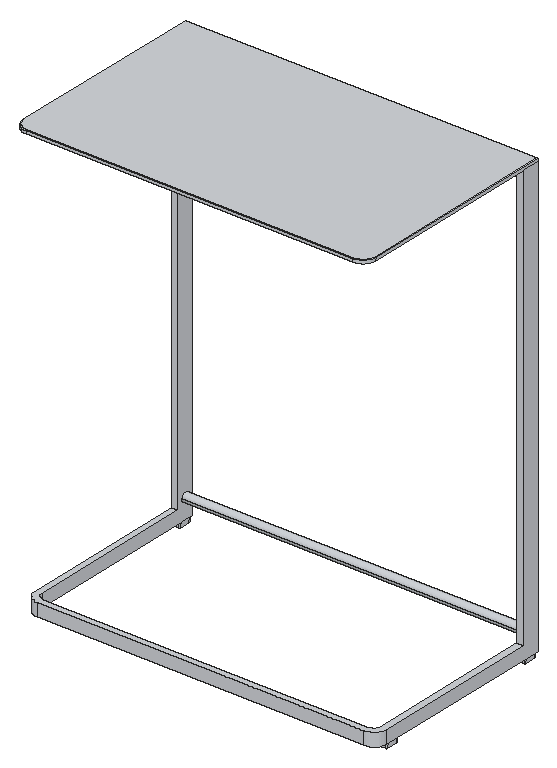
Revit family "Keilhauer_Pact_Laptop Table_77440", category Furniture, Revit 2017
Family settings
  OmniClass Number = 23.40.70.14.64.11
  OmniClass Title = Office Furniture
  Work Plane-Based = No
  Always vertical = Yes
  Cut with Voids When Loaded = No
  Shared = No
  Room Calculation Point = No
Parameters (values of type "Metal top")
  Type = 1
  Steel Top = Type = 1  # yes
  Laminate Top = Type = 2  # no
  Base [instance] = none
  Glides [instance] = none
  URL = "http://www.keilhauer.com/"
  Product Documentation Link = "http://www.keilhauer.com/"
  Model = "77440"
  Manufacturer = "Keilhauer, Corp."  # constant formula
  Description = "Laptop nesting table with metal top"
  Copyright © = "© 2021 Keilhauer, Corp."  # constant formula
  Catalog = "Pact"  # constant formula
  Table Top [instance] = none
  Authoring Version = "Autodesk Revit 2015"  # constant formula
  Assembly Code = "E2020200"
Types (2): name | Type | Steel Top | Laminate Top | Model | Description
  Laminate top | 2 | no | yes | "77441" | "Laptop nesting table with laminate top"
  Metal top | 1 | yes | no | "77440" | "Laptop nesting table with metal top"
Reference planes (in)
  plane 1 "Center (Front/Back)": y = 0
  plane 2: z = 0
  plane 3 "Center (Left/Right)": x = 0
  plane 4 "Top": z = 25.813
  plane 5 "Base": z = 0.25
  plane 6: x = 10.06101
  plane 7: x = -10.06101
Forms (in)
  Extrusion 1, solid, material <- "Table Top", visible <- "Steel Top"
    sketch origin (0, 0, 25.813) x (0, 1, 0) y (-1, 0, 0)
      loop
        line (6.53846, 10.25) -> (-5.21154, 10.25)
        arc (-5.21154, 10.25) -> (-5.74187, 10.03033) -> (-5.96154, 9.5) r 0.75
        line (-5.96154, 9.5) -> (-5.96154, -9.5)
        arc (-5.96154, -9.5) -> (-5.74187, -10.03033) -> (-5.21154, -10.25) r 0.75
        line (-5.21154, -10.25) -> (6.53846, -10.25) -> (6.53846, 10.25)
    from 0 to 0.1575
  Blend 2, solid, material <- "Table Top", visible <- "Steel Top"
    base sketch origin (0, 0, 25.813) x (0, 1, 0) y (-1, 0, 0)
      loop
        line (6.53846, 10.25) -> (-5.21154, 10.25)
        arc (-5.21154, 10.25) -> (-5.74187, 10.03033) -> (-5.96154, 9.5) r 0.75
        line (-5.96154, 9.5) -> (-5.96154, -9.5)
        arc (-5.96154, -9.5) -> (-5.74187, -10.03033) -> (-5.21154, -10.25) r 0.75
        line (-5.21154, -10.25) -> (6.53846, -10.25) -> (6.53846, 10.25)
    top sketch origin (0, 0, 25.813) x (0, 1, 0) y (-1, 0, 0)
      loop
        line (6.50846, 10.22) -> (-5.21154, 10.22)
        arc (-5.21154, 10.22) -> (-5.72066, 10.00912) -> (-5.93154, 9.5) r 0.72
        line (-5.93154, 9.5) -> (-5.93154, -9.5)
        arc (-5.93154, -9.5) -> (-5.72066, -10.00912) -> (-5.21154, -10.22) r 0.72
        line (-5.21154, -10.22) -> (6.50846, -10.22) -> (6.50846, 10.22)
    from 0.1575 to 0.1875
  Extrusion 3, solid, material <- "Base"
    sketch origin (10.06101, 5.53647, 47.24409) x (0, -1, 0) y (0, 0, 1)
      loop
        line (-0.6875, -22.18109) -> (-0.3125, -22.18109) -> (-0.3125, -21.43109) -> (-0.6875, -21.43109) -> (-0.6875, -22.18109)
      loop
        circle (-0.5, -45.7439) r 0.25
    from 0 to 20.12202
  Extrusion 4, solid, material <- "Base"
    sketch origin (-10.25149, -60, 0.25) x (-1, 0, 0) y (0, -1, 0)
      loop
        line (-0.00149, -66.53647) -> (-0.00149, -65.53647) -> (-0.375, -65.53647) -> (-0.375, -66.53647) -> (-0.00149, -66.53647)
      loop
        line (-20.125, -66.53647) -> (-20.125, -65.53647) -> (-20.50149, -65.53647) -> (-20.50149, -66.53647) -> (-20.125, -66.53647)
    from 0 to 25.563
  Sweep 5, solid, material <- "Base"
    path origin (0, 0, 25.813) x (0, 1, 0) y (-1, 0, 0)
      loop
        line (6.01233, 7.87649) -> (-1.65203, 7.87649)
        arc (-1.65203, 7.87649) -> (-2.18236, 7.65682) -> (-2.40203, 7.12649) r 0.75
        line (-2.40203, 7.12649) -> (-2.40203, -7.12649)
        arc (-2.40203, -7.12649) -> (-2.18236, -7.65682) -> (-1.65203, -7.87649) r 0.75
        line (-1.65203, -7.87649) -> (6.01233, -7.87649)
    profile origin (-7.87649, 2.18015, 25.813) x (1, 0, 0) y (0, 0, 1)
      loop
        line (0.375, -0.75) -> (0.375, 0) -> (0, 0) -> (0, -0.75) -> (0.375, -0.75)
  Sweep 6, solid, material <- "Base"
    path origin (-10.25149, -60, 0.25) x (-1, 0, 0) y (0, -1, 0)
      loop
        line (-20.12798, -66.03647) -> (-20.12798, -55.60547)
        arc (-20.12798, -55.60547) -> (-20.01961, -55.34384) -> (-19.75798, -55.23547) r 0.37
        line (-19.75798, -55.23547) -> (-0.745, -55.23547)
        arc (-0.745, -55.23547) -> (-0.48337, -55.34384) -> (-0.375, -55.60547) r 0.37
        line (-0.375, -55.60547) -> (-0.375, -66.03647)
    profile origin (-9.87649, 0.82097, 0.25) x (-1, 0, 0) y (0, 0, 1)
      loop
        line (0, 0.75) -> (0, 0) -> (0.375, 0) -> (0.375, 0.75) -> (0, 0.75)
  Extrusion 7, solid, material <- "Glides"
    sketch origin (0, 0, 0) x (1, 0, 0) y (0, 1, 0)
      loop
        arc (-10.19, 6.41022) -> (-10.23243, 6.39265) -> (-10.25, 6.35022) r 0.06
        line (-10.25, 6.35022) -> (-10.25, 5.72236)
        arc (-10.25, 5.72236) -> (-10.23243, 5.67994) -> (-10.19, 5.66236) r 0.06
        line (-10.19, 5.66236) -> (-9.93649, 5.66236)
        arc (-9.93649, 5.66236) -> (-9.89406, 5.67994) -> (-9.87649, 5.72236) r 0.06
        line (-9.87649, 5.72236) -> (-9.87649, 6.35022)
        arc (-9.87649, 6.35022) -> (-9.89406, 6.39265) -> (-9.93649, 6.41022) r 0.06
        line (-9.93649, 6.41022) -> (-10.19, 6.41022)
      loop
        line (-10.19, -4.38679) -> (-9.93649, -4.38679)
        arc (-9.93649, -4.38679) -> (-9.89406, -4.36921) -> (-9.87649, -4.32679) r 0.06
        line (-9.87649, -4.32679) -> (-9.87649, -3.69893)
        arc (-9.87649, -3.69893) -> (-9.89406, -3.6565) -> (-9.93649, -3.63893) r 0.06
        line (-9.93649, -3.63893) -> (-10.19, -3.63893)
        arc (-10.19, -3.63893) -> (-10.23243, -3.6565) -> (-10.25, -3.69893) r 0.06
        line (-10.25, -3.69893) -> (-10.25, -4.32679)
        arc (-10.25, -4.32679) -> (-10.23243, -4.36921) -> (-10.19, -4.38679) r 0.06
      loop
        line (10.19, 6.41022) -> (9.93649, 6.41022)
        arc (9.93649, 6.41022) -> (9.89406, 6.39265) -> (9.87649, 6.35022) r 0.06
        line (9.87649, 6.35022) -> (9.87649, 5.72236)
        arc (9.87649, 5.72236) -> (9.89406, 5.67994) -> (9.93649, 5.66236) r 0.06
        line (9.93649, 5.66236) -> (10.19, 5.66236)
        arc (10.19, 5.66236) -> (10.23243, 5.67994) -> (10.25, 5.72236) r 0.06
        line (10.25, 5.72236) -> (10.25, 6.35022)
        arc (10.25, 6.35022) -> (10.23243, 6.39265) -> (10.19, 6.41022) r 0.06
      loop
        arc (10.19, -4.38679) -> (10.23243, -4.36921) -> (10.25, -4.32679) r 0.06
        line (10.25, -4.32679) -> (10.25, -3.69893)
        arc (10.25, -3.69893) -> (10.23243, -3.6565) -> (10.19, -3.63893) r 0.06
        line (10.19, -3.63893) -> (9.93649, -3.63893)
        arc (9.93649, -3.63893) -> (9.89406, -3.6565) -> (9.87649, -3.69893) r 0.06
        line (9.87649, -3.69893) -> (9.87649, -4.32679)
        arc (9.87649, -4.32679) -> (9.89406, -4.36921) -> (9.93649, -4.38679) r 0.06
        line (9.93649, -4.38679) -> (10.19, -4.38679)
    from 0 to 0.25
  Extrusion 8, solid, material <- "Table Top", visible <- "Laminate Top"
    sketch origin (0, 0, 25.813) x (0, 1, 0) y (-1, 0, 0)
      loop
        line (6.53846, 10.25) -> (-5.21154, 10.25)
        arc (-5.21154, 10.25) -> (-5.74187, 10.03033) -> (-5.96154, 9.5) r 0.75
        line (-5.96154, 9.5) -> (-5.96154, -9.5)
        arc (-5.96154, -9.5) -> (-5.74187, -10.03033) -> (-5.21154, -10.25) r 0.75
        line (-5.21154, -10.25) -> (6.53846, -10.25) -> (6.53846, 10.25)
    from 0 to 0.5
Cuts and joins
  joined: Extrusion 1, Blend 2
  joined: Extrusion 3, Extrusion 4, Sweep 5, Sweep 6
Lines and regions (in)
  Masking region 1
    outline origin (0, 0, 0) x (1, 0, 0) y (0, 1, 0)
      loop
        line (-10.25, 6.53846) -> (-10.25, -5.21154)
        arc (-10.25, -5.21154) -> (-10.03033, -5.74187) -> (-9.5, -5.96154) r 0.75
        line (-9.5, -5.96154) -> (9.5, -5.96154)
        arc (9.5, -5.96154) -> (10.03033, -5.74187) -> (10.25, -5.21154) r 0.75
        line (10.25, -5.21154) -> (10.25, 6.53846) -> (-10.25, 6.53846)
Dimensions and locks (in)
  equal spacing: plane 7, plane 3 "Center (Left/Right)", plane 6, locked at 10.06101 each
  radius of Masking region 1 sketch curve = 0.750"  (x2)
  radius of Extrusion 8 sketch curve = 0.750"  (x2)
  aligned and locked: nested 1 to plane 3 "Center (Left/Right)"
  aligned and locked: plane 1 "Center (Front/Back)" to nested 1
  aligned and locked: Extrusion 1 to plane 4 "Top"
  aligned and locked: Extrusion 3 to plane 7
  aligned and locked: Extrusion 3 to plane 6
  aligned and locked: plane 4 "Top" to Extrusion 4
  aligned and locked: Extrusion 4 to plane 5 "Base"
  aligned and locked: plane 4 "Top" to Sweep 5 sketch curve
  aligned and locked: profile plane to Sweep 5 sketch curve
  aligned and locked: plane 5 "Base" to Sweep 6 sketch curve
  aligned and locked: plane 2 to Extrusion 7
  aligned and locked: plane 5 "Base" to Extrusion 7
  aligned and locked: Masking region 1 sketch curve to cut or joined group of Extrusion 1, Blend 2  (x4)
  aligned and locked: Extrusion 8 sketch curve to cut or joined group of Extrusion 1, Blend 2  (x4)
Automatic sketch dimensions
  plane 7 to Extrusion 1 sketch curve = 0.56101"
  plane 1 "Center (Front/Back)" to Extrusion 1 sketch curve = 5.96154"
  Extrusion 1 sketch curve to plane 6 = 0.18899"
  Extrusion 1 sketch curve to Extrusion 1 sketch curve = 0.750"  (x2)
  Extrusion 1 sketch curve to plane 1 "Center (Front/Back)" = 6.53846"
  plane 7 to Blend 2 sketch curve = 0.56101"
  plane 1 "Center (Front/Back)" to Blend 2 sketch curve = 5.96154"
  plane 6 to Blend 2 sketch curve = 0.56101"  (x2)
  Blend 2 sketch curve to Blend 2 sketch curve = 0.750"
  Blend 2 sketch curve to plane 7 = 0.18899"
  Blend 2 sketch curve to plane 1 "Center (Front/Back)" = 6.53846"
  plane 1 "Center (Front/Back)" to Blend 2 sketch curve = 5.93154"
  Blend 2 sketch curve to plane 6 = 0.15899"
  Blend 2 sketch curve to Blend 2 sketch curve = 0.720"
  Blend 2 sketch curve to plane 7 = 0.15899"
  Blend 2 sketch curve to plane 1 "Center (Front/Back)" = 6.50846"
  Extrusion 4 sketch curve to plane 6 = 0.18899"
  plane 6 to Extrusion 4 sketch curve = 0.1875"
  plane 7 to Extrusion 4 sketch curve = 0.18452"
  Extrusion 4 sketch curve to plane 7 = 0.18899"
  Extrusion 4 sketch curve to plane 1 "Center (Front/Back)" = 6.53647"  (x2)
  Extrusion 4 sketch curve to Extrusion 4 sketch curve = 1.000"  (x2)
  plane 1 "Center (Front/Back)" to Sweep 5 sketch curve = 2.40203"
  Sweep 5 sketch curve to Sweep 5 sketch curve = 0.750"  (x2)
  plane 6 to Sweep 5 sketch curve = 2.18452"
  plane 7 to Sweep 5 sketch curve = 2.93452"
  Sweep 5 sketch curve to plane 1 "Center (Front/Back)" = 6.01233"  (x2)
  Sweep 5 sketch curve to profile plane = 0.375"
  Sweep 5 sketch curve to plane 4 "Top" = 0.750"
  Extrusion 3 sketch curve to plane 4 "Top" = 0.000"
  Extrusion 3 sketch curve to plane 1 "Center (Front/Back)" = 6.22397"
  plane 5 "Base" to Extrusion 3 sketch curve = 1.25019"
  Extrusion 3 sketch curve to plane 1 "Center (Front/Back)" = 6.03647"
  Extrusion 3 sketch curve to Extrusion 3 sketch curve = 0.375"
  Extrusion 3 sketch curve to Extrusion 3 sketch curve = 0.750"
  plane 1 "Center (Front/Back)" to Sweep 6 sketch curve = 4.39453"
  plane 6 to Sweep 6 sketch curve = 0.18452"
  plane 1 "Center (Front/Back)" to Sweep 6 sketch curve = 4.76453"
  plane 7 to Sweep 6 sketch curve = 0.55452"
  plane 7 to Sweep 6 sketch curve = 0.18452"
  Sweep 6 sketch curve to plane 1 "Center (Front/Back)" = 6.03647"  (x2)
  profile plane to Sweep 6 sketch curve = 0.000"
  Sweep 6 sketch curve to profile plane = 0.375"
  plane 5 "Base" to Sweep 6 sketch curve = 0.750"
  Extrusion 7 sketch curve to plane 7 = 0.18899"  (x2)
  Extrusion 7 sketch curve to Extrusion 7 sketch curve = 0.060"  (x12)
  plane 7 to Extrusion 7 sketch curve = 0.12452"  (x4)
  plane 6 to Extrusion 7 sketch curve = 0.18452"  (x2)
  Extrusion 7 sketch curve to plane 6 = 0.12899"  (x4)
  plane 1 "Center (Front/Back)" to Extrusion 7 sketch curve = 4.38679"  (x2)
  Extrusion 7 sketch curve to Extrusion 7 sketch curve = 0.62786"  (x4)
  Extrusion 7 sketch curve to plane 1 "Center (Front/Back)" = 5.66236"  (x2)
  radius of Extrusion 3 sketch curve = 0.250"
Nested families (in)
  nested 1: "Furniture_Tag" at (0, 0, 0), type "Center", detail levels fine
    with Offset (LR) 0.000"
Definition of nested family "Furniture_Tag"
  Parameters
    P_Width = 0.000"
    Text_Width = "Empty"
    Text_Height = "Empty"
    Text_Diameter = "Empty"
    Text_Depth = "Empty"
    Offset (LR) [instance] = 0.000"
    Model Name = "Type Catalog"
    P_Height = 0.000"
    Distance of Center (not Change) = 0.000"
    P_Diameter = 0.000"
    P_Depth = 0.000"
  Reference planes (in)
    plane 1: y = 0
    plane 2: x = 0
  Lines and regions (in)
    reference lines
      curve 1: line (-0.44359, 0, 0) -> (0.41085, 0, 0)
      curve 3: line (0, 0.32564, 0) -> (0, -0.40221, 0)
    reference lines, not visible
      curve 2: line (-0.44359, 0.09843, 0) -> (0.41085, 0.09843, 0)
      curve 4: line (0, 0.42407, 0) -> (0, -0.30379, 0)
  Text (in)
    label "Empty" at (0.00197, -0.0079, 0), shows "Model Name"
    label "Empty" at (0.00197, 0.09052, 0), shows "Model Name", not visible
  Dimensions and locks (in)
    "Distance of Center (not Change)": plane 1 to curve 1
    "Offset (LR)": curve 3 to plane 2
  Automatic sketch dimensions
    curve 1 to curve 3 = 0.44359"
    curve 3 to curve 1 = 0.41085"
    curve 3 to curve 1 = 0.40221"
    curve 1 to curve 3 = 0.32564"
    curve 2 to curve 4 = 0.44359"
    curve 4 to curve 2 = 0.41085"
    curve 4 to curve 2 = 0.40221"
    curve 2 to curve 4 = 0.32564"
